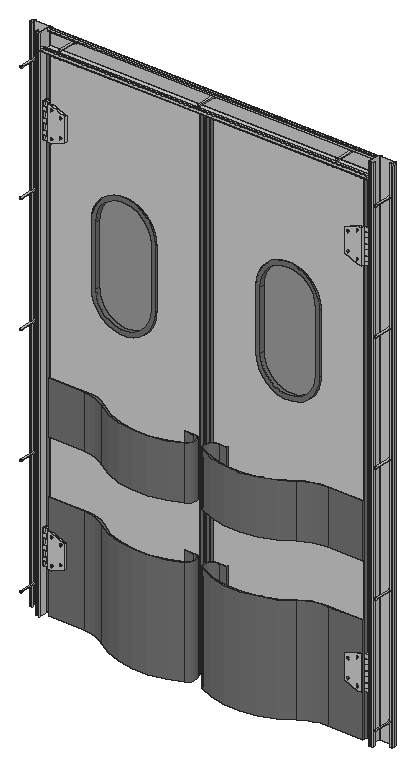
Revit family "Дверь МДД1", category Двери, Revit 2015
Parameters
  Тип рамы и крепления [instance] = if(and(Тип Рамы = Угол, Тип Крепления к стене = ТК_СП), "УГЛ / СП", if(and(Тип Рамы = Угол, Тип Крепления к стене = ТК_КРК), "УГЛ / КРК", if(and(Тип Рамы = Угол, Тип Крепления к стене = ТК_МК), "УГЛ / МК", if(and(Тип Рамы = Побр, Тип Крепления к стене = ТК_СП), "П / ОШИБКА", if(and(Тип Рамы = Побр, Тип Крепления к стене = ТК_КРК), "П / КРК", if(and(Тип Рамы = Побр, Тип Крепления к стене = ТК_МК), "П / МК", "ОБХ / СП"))))))  # "УГЛ / МК"
  Тип отбойника = if(Плоский отбойник, "Плоский отбойник", "Изогнутый отбойник")  # "Изогнутый отбойник"
  Полширины = Width / 2  # 800 mm
  Обрамление проёма [instance] = if(F_Elem, "ДА", "НЕТ")  # "НЕТ"
  Крепеж видимость [instance] = Гнутая рама  # yes
  Ширина проема до монтажа = 1600 mm
  Ширина в свету = if(Плоский отбойник, Width - 152 mm, Width - 392 mm)  # 1208 mm
  Функция = Внутренние слои
  Фасонный элемент [instance] = no
  Угол = ТР : Угловая рама
  Толщина полотна = 40 mm  # constant formula
  Тип рамы [instance] = if(Тип Рамы = Обхват, "ОБХ", if(Тип Рамы = Побр, "П", "УГЛ"))  # "УГЛ"
  Тип крепления [instance] = if(or(and(Тип Крепления к стене = ТК_КРК, Тип Рамы = Побр), and(Тип Крепления к стене = ТК_КРК, Тип Рамы = Угол)), "КРК", if(or(and(Тип Крепления к стене = ТК_МК, Тип Рамы = Побр), and(Тип Крепления к стене = ТК_МК, Тип Рамы = Угол)), "МК", if(and(Тип Крепления к стене = ТК_СП, Тип Рамы = Побр), "ОШИБКА", "СП")))  # "МК"
  Тип Крепления к стене [instance] = ККС : МК - к металлоконструкции
  Температурный режим = "C"  # constant formula
  ТК_СП = ККС : СП - к сэндвич-панели
  ТК_МК = ККС : МК - к металлоконструкции
  ТК_КРК = ККС : КРК - к крипичной стене
  Смещение полотна [instance] = 0 mm
  Тип Рамы [instance] = ТР : Угловая рама
  Побр = ТР : П-рама
  Описание = "Двери маятниковые двухстворчатые (МДД)"  # constant formula
  Обхват = ТР : В обхват
  Группа модели = "МДД"  # constant formula
  Shift_door [instance] = if(Тип Рамы = Побр, Смещение полотна, 0 mm)  # 0 mm
  Резиновые изделия = Резина
  Плоский отбойник = no
  Петли правые = 1 = 1  # yes
  Петли левые = 1 = 1  # yes
  П_образный профиль [instance] = Тип Рамы = Побр  # no
  Отображение обратного открывания [instance] = yes
  Наружная сторона = RAL9003
  Коробка и наличники = RAL9003
  Иллюминатор стекло = Пластмасса, прозрачная
  Иллюминатор радиус = if(H_hole_height < 350 mm, (H_hole_height - 50 mm) / 2, 150 mm)  # 150 mm
  H_hole_bottom = if(Height < Иллюминатор низ + Иллюминатор высота + 100 mm, if((Height - Иллюминатор высота - 100 mm) < 1100 mm, 1100 mm, Height - Иллюминатор высота - 100 mm), Иллюминатор низ)  # 1300 mm
  H_hole_height = if(Height < Иллюминатор высота + H_hole_bottom + 100 mm, Height - H_hole_bottom - 100 mm, 580 mm)  # 580 mm
  Изогнутый отбойник правый = not(Плоский отбойник)  # yes
  Изогнутый отбойник левый = not(Плоский отбойник)  # yes
  Изготовитель = "ООО ПрофХолод"  # constant formula
  Гнутая рама [instance] = not(П_образный профиль)  # yes
  Высота проема до монтажа = 2400 mm
  Высота порога = 0 mm  # constant formula
  Высота в свету = Height - 30 mm  # 2370 mm
  Height = round((if(Высота проема до монтажа < 1500 mm, 1500 mm, if(Высота проема до монтажа > 3000 mm, 3000 mm, Высота проема до монтажа)) / 10 mm)) * 10 mm  # 2400 mm
  Замыкание стены = По основе
  Width = round((if(Ширина проема до монтажа < 1200 mm, 1200 mm, if(Ширина проема до монтажа > 3000 mm, 3000 mm, Ширина проема до монтажа)) / 10 mm)) * 10 mm  # 1600 mm
  Внутренняя сторона = AISI 430-0,5
  Аналитическая конструкция = "<Нет>"
  V_Obhv [instance] = Тип Рамы = Обхват  # no
  URL = "http://profholod.ru/"
  Иллюминатор высота = 580 mm  # constant formula
  Иллюминатор низ = 1300 mm  # constant formula
  F_Elem [instance] = or(and(Тип Рамы = Угол, Тип Крепления к стене = ТК_СП), and(Тип Рамы = Угол, Фасонный элемент))  # no
  ADSK_Толщина стены [instance] = 300 mm
  ADSK_Открывание = ""  # constant formula
  ADSK_Обозначение = "ООО ПрофХолод"  # constant formula
  ADSK_Наименование = "МДО 1000 2000 40 AISI 430-0,5 RAL - 0,5 0 Н Лев"
  ADSK_Завод-изготовитель = Изготовитель  # "ООО ПрофХолод"
  ADSK_URL страницы изделия = "http://profholod.ru/"
Reference planes
  plane 1: y = 0
  plane 2 "По центру (Влево/Вправо)": x = 0
  plane 3 "Слева": x = -800
  plane 4 "Справа": x = 800
  plane 5 "Верх проема": z = 2400
  plane 6 "Наружный": y = 150
  plane 7 "Внутренние": y = -150
  plane 8 "Наружная грань полотна": y = 164.3
  plane 9: x = -770
  plane 10: x = 770
  plane 11: z = 2370
  plane 12: z = 2450
  plane 13: y = 164.3
  plane 14: z = 2450
  plane 15: x = 736
  plane 16: x = -736
  plane 17: z = 2360
  plane 18: z = 10
  plane 19: z = 1310
  plane 20: z = 1890
  plane 21: x = 535
  plane 22: x = 235
  plane 23: z = 1460
  plane 24: z = 1740
  plane 25: x = 790
  plane 26: x = -790
  plane 27: x = -790
  plane 28: x = 790
  plane 29 "Ось двери": y = 144.3
  plane 30: x = -820
  plane 31: x = 820
  plane 32: z = 2390
  plane 33: z = 2420
  plane 34: x = -34
  plane 35: x = 34
  plane 36: x = 385
  plane 37: x = -535
  plane 38: x = -235
  plane 39: x = -385
  plane 40: z = 1205
Forms (mm)
  Sweep 1, solid, material "RAL9003" <- "Коробка и наличники", visible <- "Гнутая рама", detail levels medium+fine
    path origin (0, 164.3, 0) x (-1, 0, 0) y (0, 0, 1)
      loop
        line (-770, 0) -> (-770, 2450)
    profile "Профиль МДО гнутая рама : Профиль МДО гнутая рама" origin (770, 164.3, 1225) x (1, 0, 0) y (0, 1, 0)
      loop
        line (20, -42.267) -> (18, -42.267) -> (18, -50.267)
        arc (18, -50.267) -> (17.414, -51.681) -> (16, -52.267) r 2
        line (16, -52.267) -> (4, -52.267)
        arc (4, -52.267) -> (2.586, -51.681) -> (2, -50.267) r 2
        line (2, -50.267) -> (2, 1.733)
        arc (2, 1.733) -> (2.586, 3.147) -> (4, 3.733) r 2
        line (4, 3.733) -> (76, 3.733)
        arc (76, 3.733) -> (77.414, 3.147) -> (78, 1.733) r 2
        line (78, 1.733) -> (78, -10.267)
        arc (78, -10.267) -> (77.414, -11.681) -> (76, -12.267) r 2
        line (76, -12.267) -> (68, -12.267) -> (68, -14.267) -> (76, -14.267)
        arc (76, -14.267) -> (78.828, -13.096) -> (80, -10.267) r 4
        line (80, -10.267) -> (80, 1.733)
        arc (80, 1.733) -> (78.828, 4.561) -> (76, 5.733) r 4
        line (76, 5.733) -> (4, 5.733)
        arc (4, 5.733) -> (1.172, 4.561) -> (0, 1.733) r 4
        line (0, 1.733) -> (0, -50.267)
        arc (0, -50.267) -> (1.172, -53.096) -> (4, -54.267) r 4
        line (4, -54.267) -> (16, -54.267)
        arc (16, -54.267) -> (18.828, -53.096) -> (20, -50.267) r 4
        line (20, -50.267) -> (20, -42.267)
  Sweep 2, solid, material "RAL9003" <- "Коробка и наличники", visible <- "Гнутая рама", detail levels medium+fine
    path origin (0, 164.3, 0) x (-1, 0, 0) y (0, 0, 1)
      loop
        line (770, 0) -> (770, 2450)
    profile "Профиль МДО гнутая рама : Профиль МДО гнутая рама" origin (-770, 164.3, 1225) x (1, 0, 0) y (0, 1, 0)
      loop
        line (-20, -42.267) -> (-20, -50.267)
        arc (-20, -50.267) -> (-18.828, -53.096) -> (-16, -54.267) r 4
        line (-16, -54.267) -> (-4, -54.267)
        arc (-4, -54.267) -> (-1.172, -53.096) -> (0, -50.267) r 4
        line (0, -50.267) -> (0, 1.733)
        arc (0, 1.733) -> (-1.172, 4.561) -> (-4, 5.733) r 4
        line (-4, 5.733) -> (-76, 5.733)
        arc (-76, 5.733) -> (-78.828, 4.561) -> (-80, 1.733) r 4
        line (-80, 1.733) -> (-80, -10.267)
        arc (-80, -10.267) -> (-78.828, -13.096) -> (-76, -14.267) r 4
        line (-76, -14.267) -> (-68, -14.267) -> (-68, -12.267) -> (-76, -12.267)
        arc (-76, -12.267) -> (-77.414, -11.681) -> (-78, -10.267) r 2
        line (-78, -10.267) -> (-78, 1.733)
        arc (-78, 1.733) -> (-77.414, 3.147) -> (-76, 3.733) r 2
        line (-76, 3.733) -> (-4, 3.733)
        arc (-4, 3.733) -> (-2.586, 3.147) -> (-2, 1.733) r 2
        line (-2, 1.733) -> (-2, -50.267)
        arc (-2, -50.267) -> (-2.586, -51.681) -> (-4, -52.267) r 2
        line (-4, -52.267) -> (-16, -52.267)
        arc (-16, -52.267) -> (-17.414, -51.681) -> (-18, -50.267) r 2
        line (-18, -50.267) -> (-18, -42.267) -> (-20, -42.267)
  Sweep 3, solid, material "RAL9003" <- "Коробка и наличники", visible <- "Гнутая рама", detail levels medium+fine
    path origin (0, 164.3, 0) x (-1, 0, 0) y (0, 0, 1)
      loop
        line (-770, 2370) -> (770, 2370)
    profile "Профиль МДО гнутая рама : Профиль МДО гнутая рама" origin (0, 164.3, 2370) x (0, 0, 1) y (0, 1, 0)
      loop
        line (20, -42.267) -> (18, -42.267) -> (18, -50.267)
        arc (18, -50.267) -> (17.414, -51.681) -> (16, -52.267) r 2
        line (16, -52.267) -> (4, -52.267)
        arc (4, -52.267) -> (2.586, -51.681) -> (2, -50.267) r 2
        line (2, -50.267) -> (2, 1.733)
        arc (2, 1.733) -> (2.586, 3.147) -> (4, 3.733) r 2
        line (4, 3.733) -> (76, 3.733)
        arc (76, 3.733) -> (77.414, 3.147) -> (78, 1.733) r 2
        line (78, 1.733) -> (78, -10.267)
        arc (78, -10.267) -> (77.414, -11.681) -> (76, -12.267) r 2
        line (76, -12.267) -> (68, -12.267) -> (68, -14.267) -> (76, -14.267)
        arc (76, -14.267) -> (78.828, -13.096) -> (80, -10.267) r 4
        line (80, -10.267) -> (80, 1.733)
        arc (80, 1.733) -> (78.828, 4.561) -> (76, 5.733) r 4
        line (76, 5.733) -> (4, 5.733)
        arc (4, 5.733) -> (1.172, 4.561) -> (0, 1.733) r 4
        line (0, 1.733) -> (0, -50.267)
        arc (0, -50.267) -> (1.172, -53.096) -> (4, -54.267) r 4
        line (4, -54.267) -> (16, -54.267)
        arc (16, -54.267) -> (18.828, -53.096) -> (20, -50.267) r 4
        line (20, -50.267) -> (20, -42.267)
  Extrusion 4, solid, material "RAL9003" <- "Наружная сторона", detail levels medium+fine
    sketch origin (0, 164.3, 0) x (-1, 0, 0) y (0, 0, 1)
      loop
        line (-736, 2360) -> (-736, 10) -> (-34, 10) -> (-34, 2360) -> (-736, 2360)
      loop
        line (-235, 1460) -> (-235, 1740)
        arc (-235, 1740) -> (-385, 1890) -> (-535, 1740) r 150
        line (-535, 1740) -> (-535, 1460)
        arc (-535, 1460) -> (-385, 1310) -> (-235, 1460) r 150
      loop
        line (34, 10) -> (736, 10) -> (736, 2360) -> (34, 2360) -> (34, 10)
      loop
        line (235, 1740) -> (235, 1460)
        arc (235, 1460) -> (385, 1310) -> (535, 1460) r 150
        line (535, 1460) -> (535, 1740)
        arc (535, 1740) -> (385, 1890) -> (235, 1740) r 150
    from 0 to -40
  Sweep 5, solid, material "Резина" <- "Резиновые изделия", detail levels fine
    path origin (0, 164.3, 0) x (-1, 0, 0) y (0, 0, 1)
      loop
        line (-736, 10) -> (-736, 2360)
    profile "Профиль МДО уплотнитель : Профиль МДО уплотнитель" origin (736, 164.3, 1185) x (1, 0, 0) y (0, 1, 0)
      loop
        line (0, -17.022) -> (-3, -17.022) -> (-3, -11.022) -> (-6, -11.022) -> (-6, -28.978) -> (-3, -28.978) -> (-3, -22.978) -> (0, -22.978) -> (0, -36.978) -> (1, -36.978) -> (5.146, -28.189)
        arc (5.146, -28.189) -> (8.922, -23.617) -> (14.426, -21.412) r 12
        line (14.426, -21.412) -> (34, -20.522) -> (34, -19.522) -> (15.454, -18.679)
        arc (15.454, -18.679) -> (9.346, -16.678) -> (5.146, -11.811) r 12
        line (5.146, -11.811) -> (1, -3.022) -> (0, -3.022) -> (0, -17.022)
  Sweep 6, solid, material "Резина" <- "Резиновые изделия", detail levels fine
    path origin (0, 164.3, 0) x (-1, 0, 0) y (0, 0, 1)
      loop
        line (736, 10) -> (736, 2360)
    profile "Профиль МДО уплотнитель : Профиль МДО уплотнитель" origin (-736, 164.3, 1185) x (1, 0, 0) y (0, 1, 0)
      loop
        line (0, -17.022) -> (0, -3.022) -> (-1, -3.022) -> (-5.146, -11.811)
        arc (-5.146, -11.811) -> (-9.346, -16.678) -> (-15.454, -18.679) r 12
        line (-15.454, -18.679) -> (-34, -19.522) -> (-34, -20.522) -> (-14.426, -21.412)
        arc (-14.426, -21.412) -> (-8.922, -23.617) -> (-5.146, -28.189) r 12
        line (-5.146, -28.189) -> (-1, -36.978) -> (0, -36.978) -> (0, -22.978) -> (3, -22.978) -> (3, -28.978) -> (6, -28.978) -> (6, -11.022) -> (3, -11.022) -> (3, -17.022) -> (0, -17.022)
  Sweep 7, solid, material "RAL9003" <- "Коробка и наличники", visible <- "П_образный профиль", detail levels medium+fine
    path origin (0, 164.3, 0) x (-1, 0, 0) y (0, 0, 1)
      loop
        line (-790, 2370) -> (790, 2370)
    profile "Профиль МДО П-образная рама : Профиль МДО П-образная рама" origin (0, 164.3, 2370) x (0, 0, 1) y (0, 1, 0)
      loop
        line (4, -50.267) -> (16, -50.267)
        arc (16, -50.267) -> (18.828, -49.096) -> (20, -46.267) r 4
        line (20, -46.267) -> (20, -38.267) -> (18, -38.267) -> (18, -46.267)
        arc (18, -46.267) -> (17.414, -47.681) -> (16, -48.267) r 2
        line (16, -48.267) -> (4, -48.267)
        arc (4, -48.267) -> (2.586, -47.681) -> (2, -46.267) r 2
        line (2, -46.267) -> (2, 5.733)
        arc (2, 5.733) -> (2.586, 7.147) -> (4, 7.733) r 2
        line (4, 7.733) -> (16, 7.733)
        arc (16, 7.733) -> (17.414, 7.147) -> (18, 5.733) r 2
        line (18, 5.733) -> (18, -2.267) -> (20, -2.267) -> (20, 5.733)
        arc (20, 5.733) -> (18.828, 8.561) -> (16, 9.733) r 4
        line (16, 9.733) -> (4, 9.733)
        arc (4, 9.733) -> (1.172, 8.561) -> (0, 5.733) r 4
        line (0, 5.733) -> (0, -46.267)
        arc (0, -46.267) -> (1.172, -49.096) -> (4, -50.267) r 4
  Sweep 8, solid, material "RAL9003" <- "Коробка и наличники", visible <- "П_образный профиль", detail levels medium+fine
    path origin (0, 164.3, 0) x (-1, 0, 0) y (0, 0, 1)
      loop
        line (-770, 0) -> (-770, 2370)
    profile "Профиль МДО П-образная рама : Профиль МДО П-образная рама" origin (770, 164.3, 1185) x (1, 0, 0) y (0, 1, 0)
      loop
        line (4, -50.267) -> (16, -50.267)
        arc (16, -50.267) -> (18.828, -49.096) -> (20, -46.267) r 4
        line (20, -46.267) -> (20, -38.267) -> (18, -38.267) -> (18, -46.267)
        arc (18, -46.267) -> (17.414, -47.681) -> (16, -48.267) r 2
        line (16, -48.267) -> (4, -48.267)
        arc (4, -48.267) -> (2.586, -47.681) -> (2, -46.267) r 2
        line (2, -46.267) -> (2, 5.733)
        arc (2, 5.733) -> (2.586, 7.147) -> (4, 7.733) r 2
        line (4, 7.733) -> (16, 7.733)
        arc (16, 7.733) -> (17.414, 7.147) -> (18, 5.733) r 2
        line (18, 5.733) -> (18, -2.267) -> (20, -2.267) -> (20, 5.733)
        arc (20, 5.733) -> (18.828, 8.561) -> (16, 9.733) r 4
        line (16, 9.733) -> (4, 9.733)
        arc (4, 9.733) -> (1.172, 8.561) -> (0, 5.733) r 4
        line (0, 5.733) -> (0, -46.267)
        arc (0, -46.267) -> (1.172, -49.096) -> (4, -50.267) r 4
  Sweep 9, solid, material "RAL9003" <- "Коробка и наличники", visible <- "П_образный профиль", detail levels medium+fine
    path origin (0, 164.3, 0) x (-1, 0, 0) y (0, 0, 1)
      loop
        line (770, 0) -> (770, 2370)
    profile "Профиль МДО П-образная рама : Профиль МДО П-образная рама" origin (-770, 164.3, 1185) x (1, 0, 0) y (0, 1, 0)
      loop
        arc (-4, -50.267) -> (-1.172, -49.096) -> (0, -46.267) r 4
        line (0, -46.267) -> (0, 5.733)
        arc (0, 5.733) -> (-1.172, 8.561) -> (-4, 9.733) r 4
        line (-4, 9.733) -> (-16, 9.733)
        arc (-16, 9.733) -> (-18.828, 8.561) -> (-20, 5.733) r 4
        line (-20, 5.733) -> (-20, -2.267) -> (-18, -2.267) -> (-18, 5.733)
        arc (-18, 5.733) -> (-17.414, 7.147) -> (-16, 7.733) r 2
        line (-16, 7.733) -> (-4, 7.733)
        arc (-4, 7.733) -> (-2.586, 7.147) -> (-2, 5.733) r 2
        line (-2, 5.733) -> (-2, -46.267)
        arc (-2, -46.267) -> (-2.586, -47.681) -> (-4, -48.267) r 2
        line (-4, -48.267) -> (-16, -48.267)
        arc (-16, -48.267) -> (-17.414, -47.681) -> (-18, -46.267) r 2
        line (-18, -46.267) -> (-18, -38.267) -> (-20, -38.267) -> (-20, -46.267)
        arc (-20, -46.267) -> (-18.828, -49.096) -> (-16, -50.267) r 4
        line (-16, -50.267) -> (-4, -50.267)
  Sweep 10, solid, material "Резина" <- "Резиновые изделия", detail levels medium+fine
    path in 3D
      loop
        line (535, 164.3, 1740) -> (535, 164.3, 1460)
        arc (535, 164.3, 1460) -> (385, 164.3, 1310) -> (235, 164.3, 1460) r 150
        line (235, 164.3, 1460) -> (235, 164.3, 1740)
        arc (235, 164.3, 1740) -> (385, 164.3, 1890) -> (535, 164.3, 1740) r 150
    profile origin (385, 164.3, 1890) x (0, 0, -1) y (0, 1, 0)
      loop
        line (0, 5) -> (0, -45) -> (20, -45) -> (20, 5) -> (0, 5)
  Extrusion 11, solid, material "Пластмасса, прозрачная" <- "Иллюминатор стекло", detail levels medium+fine
    sketch origin (0, 164.3, 0) x (-1, 0, 0) y (0, 0, 1)
      loop
        arc (-255, 1740) -> (-385, 1870) -> (-515, 1740) r 130
        line (-515, 1740) -> (-515, 1460)
        arc (-515, 1460) -> (-385, 1330) -> (-255, 1460) r 130
        line (-255, 1460) -> (-255, 1740)
      loop
        arc (515, 1740) -> (385, 1870) -> (255, 1740) r 130
        line (255, 1740) -> (255, 1460)
        arc (255, 1460) -> (385, 1330) -> (515, 1460) r 130
        line (515, 1460) -> (515, 1740)
    from -15 to -25
  Extrusion 12, solid, material "RAL9003" <- "Коробка и наличники", visible <- "F_Elem", detail levels medium+fine
    sketch origin (0, 0, 0) x (1, 0, 0) y (0, 1, 0)
      loop
        line (-820, -152) -> (-790, -152) -> (-790, 144.3) -> (-792.288, 144.3) -> (-792.288, -150) -> (-820, -150) -> (-820, -152)
      loop
        line (790, 144.3) -> (790, -152) -> (820, -152) -> (820, -150) -> (792, -150) -> (792, 144.3) -> (790, 144.3)
    from 0 to 2390
  Extrusion 13, solid, material "RAL9003" <- "Коробка и наличники", visible <- "F_Elem", detail levels medium+fine
    sketch origin (0, 0, 0) x (0, 1, 0) y (0, 0, 1)
      loop
        line (144.3, 2390) -> (144.3, 2392) -> (-150, 2392) -> (-150, 2420) -> (-152, 2420) -> (-152, 2390) -> (144.3, 2390)
    from -820 to 820
  Extrusion 14, solid, material "RAL9003" <- "Коробка и наличники", visible <- "V_Obhv", detail levels medium+fine
    sketch origin (0, 0, 0) x (1, 0, 0) y (0, 1, 0)
      loop
        arc (-846, -150.033) -> (-848.828, -151.204) -> (-850, -154.033) r 4
        line (-850, -154.033) -> (-850, -166.033)
        arc (-850, -166.033) -> (-848.828, -168.861) -> (-846, -170.033) r 4
        line (-846, -170.033) -> (-794, -170.033)
        arc (-794, -170.033) -> (-791.172, -168.861) -> (-790, -166.033) r 4
        line (-790, -166.033) -> (-790, 144.3) -> (-792, 144.3) -> (-792, -166.033)
        arc (-792, -166.033) -> (-792.586, -167.447) -> (-794, -168.033) r 2
        line (-794, -168.033) -> (-846, -168.033)
        arc (-846, -168.033) -> (-847.414, -167.447) -> (-848, -166.033) r 2
        line (-848, -166.033) -> (-848, -154.033)
        arc (-848, -154.033) -> (-847.414, -152.619) -> (-846, -152.033) r 2
        line (-846, -152.033) -> (-838, -152.033) -> (-838, -150.033) -> (-846, -150.033)
      loop
        line (846, -150.033) -> (838, -150.033) -> (838, -152.033) -> (846, -152.033)
        arc (846, -152.033) -> (847.414, -152.619) -> (848, -154.033) r 2
        line (848, -154.033) -> (848, -166.033)
        arc (848, -166.033) -> (847.414, -167.447) -> (846, -168.033) r 2
        line (846, -168.033) -> (794, -168.033)
        arc (794, -168.033) -> (792.586, -167.447) -> (792, -166.033) r 2
        line (792, -166.033) -> (792, 144.3) -> (790, 144.3) -> (790, -166.033)
        arc (790, -166.033) -> (791.172, -168.861) -> (794, -170.033) r 4
        line (794, -170.033) -> (846, -170.033)
        arc (846, -170.033) -> (848.828, -168.861) -> (850, -166.033) r 4
        line (850, -166.033) -> (850, -154.033)
        arc (850, -154.033) -> (848.828, -151.204) -> (846, -150.033) r 4
    from 0 to 2450
  Extrusion 15, solid, material "RAL9003" <- "Коробка и наличники", visible <- "V_Obhv", detail levels medium+fine
    sketch origin (0, 0, 0) x (0, 1, 0) y (0, 0, 1)
      loop
        line (-150.033, 2438) -> (-150.033, 2446)
        arc (-150.033, 2446) -> (-151.204, 2448.828) -> (-154.033, 2450) r 4
        line (-154.033, 2450) -> (-166.033, 2450)
        arc (-166.033, 2450) -> (-168.861, 2448.828) -> (-170.033, 2446) r 4
        line (-170.033, 2446) -> (-170.033, 2394)
        arc (-170.033, 2394) -> (-168.861, 2391.172) -> (-166.033, 2390) r 4
        line (-166.033, 2390) -> (144.3, 2390) -> (144.3, 2392) -> (-166.033, 2392)
        arc (-166.033, 2392) -> (-167.447, 2392.586) -> (-168.033, 2394) r 2
        line (-168.033, 2394) -> (-168.033, 2446)
        arc (-168.033, 2446) -> (-167.447, 2447.414) -> (-166.033, 2448) r 2
        line (-166.033, 2448) -> (-154.033, 2448)
        arc (-154.033, 2448) -> (-152.619, 2447.414) -> (-152.033, 2446) r 2
        line (-152.033, 2446) -> (-152.033, 2438) -> (-150.033, 2438)
    from -790 to 790
  Extrusion 16, solid, material "Резина" <- "Резиновые изделия", visible <- "Плоский отбойник", detail levels fine
    sketch origin (0, 164.3, 0) x (-1, 0, 0) y (0, 0, 1)
      loop
        line (-736, 10) -> (-34, 10) -> (-34, 510) -> (-736, 510) -> (-736, 10)
      loop
        line (-736, 760) -> (-34, 760) -> (-34, 1010) -> (-736, 1010) -> (-736, 760)
      loop
        line (34, 10) -> (736, 10) -> (736, 510) -> (34, 510) -> (34, 10)
      loop
        line (34, 760) -> (736, 760) -> (736, 1010) -> (34, 1010) -> (34, 760)
    from 0 to 3
  Extrusion 17, solid, material "Резина" <- "Резиновые изделия", visible <- "Плоский отбойник", detail levels fine
    sketch origin (0, 124.3, 0) x (1, 0, 0) y (0, 0, 1)
      loop
        line (34, 10) -> (736, 10) -> (736, 510) -> (34, 510) -> (34, 10)
      loop
        line (34, 1010) -> (34, 760) -> (736, 760) -> (736, 1010) -> (34, 1010)
      loop
        line (-736, 10) -> (-34, 10) -> (-34, 510) -> (-736, 510) -> (-736, 10)
      loop
        line (-736, 1010) -> (-736, 760) -> (-34, 760) -> (-34, 1010) -> (-736, 1010)
    from 0 to 3
  Extrusion 18, solid, material "RAL9003" <- "Наружная сторона", detail levels coarse
    sketch origin (0, 164.3, 0) x (-1, 0, 0) y (0, 0, 1)
      loop
        line (-800, 2400) -> (-800, 10) -> (800, 10) -> (800, 2400) -> (-800, 2400)
    from 0 to -40
  Sweep 19, solid, material "Резина" <- "Резиновые изделия", detail levels medium+fine
    path in 3D
      loop
        line (-235, 164.3, 1740) -> (-235, 164.3, 1460)
        arc (-235, 164.3, 1460) -> (-385, 164.3, 1310) -> (-535, 164.3, 1460) r 150
        line (-535, 164.3, 1460) -> (-535, 164.3, 1740)
        arc (-535, 164.3, 1740) -> (-385, 164.3, 1890) -> (-235, 164.3, 1740) r 150
    profile origin (-385, 164.3, 1890) x (0, 0, -1) y (0, 1, 0)
      loop
        line (0, 5) -> (0, -45) -> (20, -45) -> (20, 5) -> (0, 5)
  Sweep 20, solid, material "Резина" <- "Резиновые изделия", detail levels fine
    path origin (0, 164.3, 0) x (-1, 0, 0) y (0, 0, 1)
      loop
        line (-34, 10) -> (-34, 2360)
    profile "Профиль МДО уплотнитель : Профиль МДО уплотнитель" origin (34, 164.3, 1185) x (1, 0, 0) y (0, 1, 0)
      loop
        line (0, -17.022) -> (0, -3.022) -> (-1, -3.022) -> (-5.146, -11.811)
        arc (-5.146, -11.811) -> (-9.346, -16.678) -> (-15.454, -18.679) r 12
        line (-15.454, -18.679) -> (-34, -19.522) -> (-34, -20.522) -> (-14.426, -21.412)
        arc (-14.426, -21.412) -> (-8.922, -23.617) -> (-5.146, -28.189) r 12
        line (-5.146, -28.189) -> (-1, -36.978) -> (0, -36.978) -> (0, -22.978) -> (3, -22.978) -> (3, -28.978) -> (6, -28.978) -> (6, -11.022) -> (3, -11.022) -> (3, -17.022) -> (0, -17.022)
  Sweep 21, solid, material "Резина" <- "Резиновые изделия", detail levels fine
    path origin (0, 164.3, 0) x (-1, 0, 0) y (0, 0, 1)
      loop
        line (34, 10) -> (34, 2360)
    profile "Профиль МДО уплотнитель : Профиль МДО уплотнитель" origin (-34, 164.3, 1185) x (1, 0, 0) y (0, 1, 0)
      loop
        line (0, -17.022) -> (-3, -17.022) -> (-3, -11.022) -> (-6, -11.022) -> (-6, -28.978) -> (-3, -28.978) -> (-3, -22.978) -> (0, -22.978) -> (0, -36.978) -> (1, -36.978) -> (5.146, -28.189)
        arc (5.146, -28.189) -> (8.922, -23.617) -> (14.426, -21.412) r 12
        line (14.426, -21.412) -> (34, -20.522) -> (34, -19.522) -> (15.454, -18.679)
        arc (15.454, -18.679) -> (9.346, -16.678) -> (5.146, -11.811) r 12
        line (5.146, -11.811) -> (1, -3.022) -> (0, -3.022) -> (0, -17.022)
Lines and regions (mm)
  Opening 1
    outline origin (-3050, -150, 0) x (1, 0, 0) y (0, 0, 1)
      loop
        line (2250, 0) -> (3850, 0) -> (3850, 2400) -> (2250, 2400) -> (2250, 0)
  symbolic lines, style "Поворот фасада", visible <- "Петли правые"
    curve 1: line (0, -150, 1205) -> (-800, -150, 2400)
    curve 2: line (0, -150, 1205) -> (-800, -150, 0)
  sketch lines
    curve 3: arc (235, 164.3, 1740) -> (385, 164.3, 1890) -> (535, 164.3, 1740) r 150
    curve 4: line (235, 164.3, 1740) -> (235, 164.3, 1460)
    curve 5: arc (535, 164.3, 1460) -> (385, 164.3, 1310) -> (235, 164.3, 1460) r 150
    curve 6: line (535, 164.3, 1460) -> (535, 164.3, 1740)
    curve 9: arc (-535, 164.3, 1740) -> (-385, 164.3, 1890) -> (-235, 164.3, 1740) r 150
    curve 10: line (-235, 164.3, 1460) -> (-235, 164.3, 1740)
    curve 11: arc (-235, 164.3, 1460) -> (-385, 164.3, 1310) -> (-535, 164.3, 1460) r 150
    curve 12: line (-535, 164.3, 1740) -> (-535, 164.3, 1460)
  symbolic lines, style "Поворот фасада", visible <- "Петли левые"
    curve 7: line (800, 164.3, 2400) -> (0, 164.3, 1205)
    curve 8: line (0, 164.3, 1205) -> (800, 164.3, 0)
  symbolic lines, style "DoorsPanelProjection"
    curve 13: line (0, 164.3, 2400) -> (0, 164.3, 10)
Text (mm)
  text "Наружный" at (-2295.016, 1099.543, 0), in view "Опорный уровень"
  text "Наружный" at (0, 1615.38, 3698.081), in view "Слева"
  text "Наружный" at (0, 1036.032, 3874.932), in view "Справа"
Dimensions and locks
  equal spacing: plane 3 "Слева", plane 2 "По центру (Влево/Вправо)", plane 4 "Справа"
  "Width": plane 3 "Слева" to plane 4 "Справа"
  "Height": plane 5 "Верх проема" to host wall
  locked: plane 6 "Наружный" to host wall at 0
  locked: plane 7 "Внутренние" to host wall
  "Shift_door": plane 13 to plane 8 "Наружная грань полотна"
  plane 17 to plane 11 to plane 5 "Верх проема" = 10 mm locked, 30 mm locked
  locked: plane 5 "Верх проема" to plane 12 at 50
  locked: plane 13 to plane 6 "Наружный" at 14.3
  locked: plane 5 "Верх проема" to plane 14 at 50
  plane 3 "Слева" to plane 9 to plane 16 = 30 mm locked, 34 mm locked
  plane 15 to plane 10 to plane 4 "Справа" = 34 mm locked, 30 mm locked
  locked: level to plane 18 at 10
  "H_hole_bottom": plane 18 to plane 19
  "H_hole_height": plane 19 to plane 20
  "Иллюминатор радиус": plane 19 to plane 23
  "Иллюминатор радиус": plane 24 to plane 20
  locked: plane 18 to nested 2 at 280
  locked: nested 1 to plane 17 at 280
  locked: plane 25 to plane 4 "Справа" at 10
  locked: plane 3 "Слева" to plane 26 at 10
  plane 30 to plane 3 "Слева" to plane 27 = 20 mm locked, 10 mm locked
  plane 28 to plane 4 "Справа" to plane 31 = 10 mm locked, 20 mm locked
  locked: plane 8 "Наружная грань полотна" to plane 29 "Ось двери" at 20
  Extrusion 12 sketch curve to plane 27 = 2.288 mm
  locked: Extrusion 12 sketch curve to plane 7 "Внутренние" at 2
  locked: Extrusion 12 sketch curve to Extrusion 12 sketch curve at 2
  locked: plane 28 to Extrusion 12 sketch curve at 2
  plane 33 to plane 5 "Верх проема" to plane 32 = 20 mm locked, 10 mm locked
  locked: plane 7 "Внутренние" to Extrusion 13 sketch curve at 2
  locked: Extrusion 13 sketch curve to plane 32 at 2
  locked: plane 5 "Верх проема" to nested 9 at 100
  locked: nested 9 to plane 3 "Слева" at 30
  locked: plane 3 "Слева" to nested 5 at 30
  locked: nested 5 to level at 100
  equal spacing: nested 9, nested 8, nested 7, nested 6, nested 5
  equal spacing: nested 14, nested 13, nested 12, nested 11, nested 10
  locked: nested 10 to plane 4 "Справа" at 30
  locked: plane 4 "Справа" to nested 14 at 30
  locked: plane 3 "Слева" to nested 15 at 150
  locked: nested 17 to plane 4 "Справа" at 150
  locked: nested 17 to plane 5 "Верх проема" at 30
  locked: Extrusion 14 sketch curve to plane 27 at 2
  plane 7 "Внутренние" to Extrusion 14 sketch curve to Extrusion 14 sketch curve to Extrusion 14 sketch curve = 2.033 mm locked, 16 mm locked, 2 mm locked  (x2)
  Extrusion 14 sketch curve to Extrusion 14 sketch curve to Extrusion 14 sketch curve to plane 3 "Слева" = 2 mm locked, 10 mm locked, 38 mm locked
  Extrusion 14 sketch curve to Extrusion 14 sketch curve to Extrusion 14 sketch curve to plane 4 "Справа" = 2 mm locked, 10 mm locked, 38 mm locked
  locked: plane 28 to Extrusion 12 at 2
  locked: Extrusion 15 sketch curve to Extrusion 15 sketch curve at 2
  plane 5 "Верх проема" to Extrusion 15 sketch curve to Extrusion 15 sketch curve to Extrusion 15 sketch curve = 38 mm locked, 10 mm locked, 2 mm locked
  Extrusion 4 to Extrusion 16 sketch curve to Extrusion 16 sketch curve to Extrusion 16 sketch curve = 500 mm locked, 250 mm locked, 250 mm locked
  "ADSK_Толщина стены": host wall to host wall
  plane 34 to plane 2 "По центру (Влево/Вправо)" to plane 35 = 34 mm locked, 34 mm locked
  equal spacing: plane 15, plane 36, plane 35
  "Иллюминатор радиус": plane 36 to plane 21
  "Иллюминатор радиус": plane 22 to plane 36
  "Иллюминатор радиус": plane 39 to plane 37
  "Иллюминатор радиус": plane 38 to plane 39
  equal spacing: plane 34, plane 39, plane 16
  Extrusion 16 sketch curve to Extrusion 16 sketch curve to Extrusion 16 sketch curve = 250 mm locked, 250 mm locked
  equal spacing: plane 18, plane 40, plane 5 "Верх проема"
  aligned and locked: plane 3 "Слева" to Opening 1 sketch curve
  aligned and locked: plane 5 "Верх проема" to Opening 1 sketch curve  (x2)
  aligned and locked: Opening 1 sketch curve to plane 4 "Справа"
  aligned and locked: Opening 1 sketch curve to level
  aligned and locked: plane 5 "Верх проема" to curve 1
  aligned and locked: plane 3 "Слева" to curve 2
  aligned and locked: plane 1 to host wall
  aligned and locked: plane 3 "Слева" to curve 1
  aligned and locked: Sweep 1 sketch curve to plane 10
  aligned and locked: level to Sweep 1 sketch curve
  aligned and locked: plane 12 to Sweep 1 sketch curve
  aligned and locked: Sweep 2 sketch curve to plane 9
  aligned and locked: level to Sweep 2 sketch curve
  aligned and locked: plane 14 to Sweep 2 sketch curve
  aligned and locked: Sweep 3 sketch curve to plane 11
  aligned and locked: plane 10 to Sweep 3 sketch curve
  aligned and locked: plane 9 to Sweep 3 sketch curve
  aligned and locked: Extrusion 4 sketch curve to plane 17  (x2)
  aligned and locked: Extrusion 4 sketch curve to plane 15
  aligned and locked: plane 18 to Extrusion 4 sketch curve
  aligned and locked: plane 22 to Extrusion 4 sketch curve  (x2)
  aligned and locked: plane 21 to Extrusion 4 sketch curve  (x2)
  aligned and locked: Sweep 5 sketch curve to plane 15
  aligned and locked: plane 17 to Sweep 5 sketch curve
  aligned and locked: plane 18 to Sweep 5 sketch curve
  aligned and locked: Sweep 6 sketch curve to plane 16
  aligned and locked: plane 18 to Sweep 6 sketch curve
  aligned and locked: plane 17 to Sweep 6 sketch curve
  aligned and locked: nested 2 to nested 3  (x2)
  aligned and locked: nested 1 to nested 4
  aligned and locked: nested 1 to nested 2
  aligned and locked: nested 4 to nested 3
  aligned and locked: Sweep 7 sketch curve to plane 11
  aligned and locked: Sweep 8 sketch curve to plane 10
  aligned and locked: plane 11 to Sweep 8 sketch curve
  aligned and locked: level to Sweep 8 sketch curve
  aligned and locked: plane 25 to Sweep 7 sketch curve
  aligned and locked: plane 26 to Sweep 7 sketch curve
  aligned and locked: Sweep 9 sketch curve to plane 9
  aligned and locked: plane 11 to Sweep 9 sketch curve
  aligned and locked: level to Sweep 9 sketch curve
  aligned and locked: Extrusion 11 sketch curve to Sweep 10  (x2)
  aligned and locked: Extrusion 12 sketch curve to plane 30
  aligned and locked: Extrusion 12 sketch curve to plane 29 "Ось двери"
  aligned and locked: plane 29 "Ось двери" to Extrusion 12 sketch curve
  aligned and locked: plane 28 to Extrusion 12 sketch curve
  aligned and locked: Extrusion 12 sketch curve to plane 7 "Внутренние"
  aligned and locked: Extrusion 12 sketch curve to plane 31
  aligned and locked: plane 29 "Ось двери" to Extrusion 13 sketch curve
  aligned and locked: Extrusion 13 sketch curve to plane 32
  aligned and locked: plane 33 to Extrusion 13 sketch curve
  aligned and locked: Extrusion 13 sketch curve to plane 7 "Внутренние"
  aligned and locked: Extrusion 13 to Extrusion 12  (x2)
  aligned and locked: Extrusion 12 to Extrusion 13
  aligned and locked: nested 5 to host wall
  aligned and locked: nested 8 to nested 9
  aligned and locked: nested 7 to nested 9
  aligned and locked: nested 6 to nested 9
  aligned and locked: nested 13 to nested 14
  aligned and locked: nested 12 to nested 14
  aligned and locked: nested 11 to nested 14
  aligned and locked: nested 9 to nested 14
  aligned and locked: nested 5 to nested 10
  aligned and locked: plane 2 "По центру (Влево/Вправо)" to nested 16
  aligned and locked: nested 16 to nested 17
  aligned and locked: nested 15 to nested 17
  aligned and locked: plane 6 "Наружный" to nested 9
  aligned and locked: plane 6 "Наружный" to nested 8
  aligned and locked: plane 6 "Наружный" to nested 7
  aligned and locked: plane 6 "Наружный" to nested 6
  aligned and locked: plane 6 "Наружный" to nested 15
  aligned and locked: plane 6 "Наружный" to nested 16
  aligned and locked: plane 6 "Наружный" to nested 17
  aligned and locked: plane 6 "Наружный" to nested 14
  aligned and locked: plane 6 "Наружный" to nested 13
  aligned and locked: plane 6 "Наружный" to nested 12
  aligned and locked: plane 6 "Наружный" to nested 11
  aligned and locked: plane 6 "Наружный" to nested 10
  aligned and locked: plane 27 to Extrusion 14 sketch curve
  aligned and locked: Extrusion 14 sketch curve to plane 29 "Ось двери"
  aligned and locked: Extrusion 14 to Sweep 2
  aligned and locked: plane 29 "Ось двери" to Extrusion 14 sketch curve
  aligned and locked: plane 28 to Extrusion 14 sketch curve
  aligned and locked: Extrusion 15 sketch curve to plane 32
  aligned and locked: plane 29 "Ось двери" to Extrusion 15 sketch curve
  aligned and locked: plane 27 to Extrusion 15
  aligned and locked: Extrusion 15 to plane 28
  aligned and locked: Extrusion 16 sketch curve to Extrusion 4
  aligned and locked: Extrusion 4 to Extrusion 16 sketch curve
  aligned and locked: Extrusion 17 sketch curve to Extrusion 4  (x2)
  aligned and locked: Extrusion 17 sketch curve to Extrusion 16
  aligned and locked: plane 18 to nested 19
  aligned and locked: nested 19 to Extrusion 16
  aligned and locked: plane 15 to nested 20
  aligned and locked: nested 21 to plane 18
  aligned and locked: nested 21 to Extrusion 16
  aligned and locked: nested 19 to plane 16
  aligned and locked: plane 15 to nested 21
  aligned and locked: nested 22 to nested 18
  aligned and locked: plane 15 to nested 23
  aligned and locked: nested 23 to nested 18
  aligned and locked: nested 24 to plane 16
  aligned and locked: nested 24 to plane 18
  aligned and locked: Extrusion 16 to nested 24
  aligned and locked: plane 15 to nested 25
  aligned and locked: plane 18 to nested 25
  aligned and locked: nested 25 to Extrusion 16
  aligned and locked: plane 7 "Внутренние" to Extrusion 12 sketch curve
  aligned and locked: plane 29 "Ось двери" to nested 1
  aligned and locked: plane 29 "Ось двери" to nested 2
  aligned and locked: nested 4 to plane 29 "Ось двери"
  aligned and locked: nested 3 to plane 29 "Ось двери"
  aligned and locked: Extrusion 18 sketch curve to plane 4 "Справа"
  aligned and locked: Extrusion 18 sketch curve to plane 18
  aligned and locked: Extrusion 18 sketch curve to plane 5 "Верх проема"
  aligned and locked: plane 4 "Справа" to curve 8
  aligned and locked: level to curve 8
  aligned and locked: plane 35 to Extrusion 4 sketch curve
  aligned and locked: Extrusion 4 sketch curve to plane 34
  aligned and locked: Extrusion 4 sketch curve to plane 16
  aligned and locked: Extrusion 4 sketch curve to plane 18
  aligned and locked: nested 18 to plane 34
  aligned and locked: nested 19 to plane 34
  aligned and locked: nested 20 to plane 35
  aligned and locked: nested 21 to plane 35
  aligned and locked: plane 35 to nested 23
  aligned and locked: plane 35 to nested 25
  aligned and locked: nested 22 to plane 34
  aligned and locked: nested 24 to plane 34
  aligned and locked: Extrusion 4 to Extrusion 16
  aligned and locked: Extrusion 4 to Extrusion 17
  aligned and locked: Extrusion 11 sketch curve to Sweep 19  (x2)
  aligned and locked: plane 34 to Extrusion 16 sketch curve  (x2)
  aligned and locked: Extrusion 16 sketch curve to plane 16  (x2)
  aligned and locked: Extrusion 17 sketch curve to plane 34  (x2)
  aligned and locked: plane 16 to Extrusion 17 sketch curve  (x2)
  aligned and locked: Sweep 20 sketch curve to plane 35
  aligned and locked: plane 17 to Sweep 20 sketch curve
  aligned and locked: Sweep 21 sketch curve to plane 34
  aligned and locked: plane 17 to Sweep 21 sketch curve
  aligned and locked: plane 18 to Sweep 21 sketch curve
  aligned and locked: nested 18 to plane 16
  aligned and locked: nested 22 to plane 16
  aligned and locked: plane 40 to curve 2
  aligned and locked: plane 40 to curve 7
  aligned and locked: nested 28 to plane 9
  aligned and locked: nested 28 to plane 29 "Ось двери"
  aligned and locked: plane 29 "Ось двери" to nested 29
  aligned and locked: nested 29 to plane 10
Automatic sketch dimensions
  Sweep 10 sketch curve to profile plane = 0 mm
  profile plane to Sweep 10 sketch curve = 5 mm
  Sweep 10 sketch curve to profile plane = 20 mm
  Sweep 10 sketch curve to profile plane = 45 mm
  Extrusion 15 sketch curve to Extrusion 15 sketch curve = 0 mm  (x5)
  host wall to Extrusion 15 sketch curve = 20.033 mm
  Extrusion 15 sketch curve to Extrusion 15 sketch curve = 2 mm  (x2)
  host wall to Extrusion 15 sketch curve = 4.033 mm
  host wall to Extrusion 15 sketch curve = 2.033 mm
  Extrusion 18 sketch curve to plane 3 "Слева" = 0 mm
  Extrusion 4 sketch curve to plane 38 = 0 mm
  Extrusion 4 sketch curve to plane 23 = 0 mm  (x2)
  Extrusion 4 sketch curve to plane 39 = 0 mm
  Extrusion 4 sketch curve to plane 24 = 0 mm  (x2)
  Sweep 19 sketch curve to profile plane = 0 mm
  Sweep 19 sketch curve to Sweep 19 sketch curve = 20 mm
  Sweep 19 sketch curve to profile plane = 45 mm
  profile plane to Sweep 19 sketch curve = 5 mm
  Extrusion 12 sketch curve to plane 27 = 0 mm
  Extrusion 14 sketch curve to Extrusion 14 sketch curve = 0 mm  (x12)
  Extrusion 14 sketch curve to Extrusion 14 sketch curve = 2 mm  (x4)
  plane 27 to Extrusion 14 sketch curve = 4 mm
  Extrusion 14 sketch curve to plane 28 = 4 mm
  Extrusion 16 sketch curve to Extrusion 4 = 0 mm  (x2)
  Extrusion 4 to Extrusion 16 sketch curve = 0 mm  (x2)
  Extrusion 16 sketch curve to Extrusion 16 sketch curve = 0 mm
  Extrusion 17 sketch curve to Extrusion 4 = 0 mm  (x2)
  Extrusion 4 to Extrusion 17 sketch curve = 0 mm  (x2)
  Extrusion 17 sketch curve to Extrusion 17 sketch curve = 0 mm  (x2)
  Extrusion 17 sketch curve to Extrusion 17 sketch curve = 250 mm  (x3)
  level to Sweep 20 sketch curve = 10 mm
  plane 34 to curve 1 = 34 mm
  curve 2 to level = 0 mm
  plane 4 "Справа" to curve 7 = 0 mm
  curve 8 to plane 2 "По центру (Влево/Вправо)" = 0 mm
  curve 13 to plane 18 = 0 mm
  curve 13 to plane 5 "Верх проема" = 0 mm
  curve 7 to plane 5 "Верх проема" = 0 mm
Nested families
  nested 1: "Маятниковая петля COLDTECH (Италия)" at (-770, 144.3, 2080) x (0, 0, 1) z (1, 0, 0), visible <- "Петли правые", type "Маятниковая петля COLDTECH (Италия)", detail levels medium+fine
  nested 2: "Маятниковая петля COLDTECH (Италия)" at (-770, 144.3, 290) x (0, 0, 1) z (1, 0, 0), visible <- "Петли правые", type "Маятниковая петля COLDTECH (Италия)", detail levels medium+fine
  nested 3: "Маятниковая петля COLDTECH (Италия)" at (770, 144.3, 290) x (0, 0, 1) z (-1, 0, 0), visible <- "Петли левые", type "Маятниковая петля COLDTECH (Италия)", detail levels medium+fine
  nested 4: "Маятниковая петля COLDTECH (Италия)" at (770, 144.3, 2080) x (0, 0, 1) z (-1, 0, 0), visible <- "Петли левые", type "Маятниковая петля COLDTECH (Италия)", detail levels medium+fine
  nested 5: "Крепеж" at (-830, -150, 100) x (1, 0, 0) z (0, -1, 0), visible <- "Крепеж видимость", type "Дюбель", detail levels fine
    with L 300 mm
  nested 6: "Крепеж" at (-830, -150, 650) x (1, 0, 0) z (0, -1, 0), visible <- "Крепеж видимость", type "Дюбель", detail levels fine
    with L 300 mm
  nested 7: "Крепеж" at (-830, -150, 1200) x (1, 0, 0) z (0, -1, 0), visible <- "Крепеж видимость", type "Дюбель", detail levels fine
    with L 300 mm
  nested 8: "Крепеж" at (-830, -150, 1750) x (1, 0, 0) z (0, -1, 0), visible <- "Крепеж видимость", type "Дюбель", detail levels fine
    with L 300 mm
  nested 9: "Крепеж" at (-830, -150, 2300) x (1, 0, 0) z (0, -1, 0), visible <- "Крепеж видимость", type "Дюбель", detail levels fine
    with L 300 mm
  nested 10: "Крепеж" at (830, -150, 100) x (1, 0, 0) z (0, -1, 0), visible <- "Крепеж видимость", type "Дюбель", detail levels fine
    with L 300 mm
  nested 11: "Крепеж" at (830, -150, 650) x (1, 0, 0) z (0, -1, 0), visible <- "Крепеж видимость", type "Дюбель", detail levels fine
    with L 300 mm
  nested 12: "Крепеж" at (830, -150, 1200) x (1, 0, 0) z (0, -1, 0), visible <- "Крепеж видимость", type "Дюбель", detail levels fine
    with L 300 mm
  nested 13: "Крепеж" at (830, -150, 1750) x (1, 0, 0) z (0, -1, 0), visible <- "Крепеж видимость", type "Дюбель", detail levels fine
    with L 300 mm
  nested 14: "Крепеж" at (830, -150, 2300) x (1, 0, 0) z (0, -1, 0), visible <- "Крепеж видимость", type "Дюбель", detail levels fine
    with L 300 mm
  nested 15: "Крепеж" at (-650, -150, 2430) x (1, 0, 0) z (0, -1, 0), visible <- "Крепеж видимость", type "Дюбель", detail levels fine
    with L 300 mm
  nested 16: "Крепеж" at (0, -150, 2430) x (1, 0, 0) z (0, -1, 0), visible <- "Крепеж видимость", type "Дюбель", detail levels fine
    with L 300 mm
  nested 17: "Крепеж" at (650, -150, 2430) x (1, 0, 0) z (0, -1, 0), visible <- "Крепеж видимость", type "Дюбель", detail levels fine
    with L 300 mm
  nested 18: "Изогнутый отбойник" at (-385, 164.3, 885) x (-1, 0, 0) z (0, 1, 0), Материал <- "Резиновые изделия", visible <- "Изогнутый отбойник правый", type "Изогнутый отбойник", detail levels fine
    with Материал Резина, x 167.836 mm, b 250 mm, a 13.7879°, Y 349.362 mm, Rsm 40 mm, Rmed 196.056 mm, R 392.112 mm, L 702 mm
  nested 19: "Изогнутый отбойник" at (-385, 164.3, 260) x (-1, 0, 0) z (0, 1, 0), Материал <- "Резиновые изделия", visible <- "Изогнутый отбойник правый", type "Изогнутый отбойник", detail levels fine
    with Материал Резина, x 167.836 mm, b 500 mm, a 13.7879°, Y 349.362 mm, Rsm 40 mm, Rmed 196.056 mm, R 392.113 mm, L 702 mm
  nested 20: "Изогнутый отбойник" at (385, 164.3, 885) x (1, 0, 0) z (0, 1, 0), Материал <- "Резиновые изделия", visible <- "Изогнутый отбойник левый", type "Изогнутый отбойник", detail levels fine
    with Материал Резина, x 167.836 mm, b 250 mm, a 13.7879°, Y 349.362 mm, Rsm 40 mm, Rmed 196.056 mm, R 392.112 mm, L 702 mm
  nested 21: "Изогнутый отбойник" at (385, 164.3, 260) x (1, 0, 0) z (0, 1, 0), Материал <- "Резиновые изделия", visible <- "Изогнутый отбойник левый", type "Изогнутый отбойник", detail levels fine
    with Материал Резина, x 167.836 mm, b 500 mm, a 13.7879°, Y 349.362 mm, Rsm 40 mm, Rmed 196.056 mm, R 392.113 mm, L 702 mm
  nested 22: "Изогнутый отбойник" at (-385, 124.3, 885) x (-1, 0, 0) z (0, -1, 0), Материал <- "Резиновые изделия", visible <- "Изогнутый отбойник правый", type "Изогнутый отбойник", detail levels fine
    with Материал Резина, x 167.836 mm, b 250 mm, a 13.7879°, Y 349.362 mm, Rsm 40 mm, Rmed 196.056 mm, R 392.112 mm, L 702 mm
  nested 23: "Изогнутый отбойник" at (385, 124.3, 885) x (1, 0, 0) z (0, -1, 0), Материал <- "Резиновые изделия", visible <- "Изогнутый отбойник левый", type "Изогнутый отбойник", detail levels fine
    with Материал Резина, x 167.836 mm, b 250 mm, a 13.7879°, Y 349.362 mm, Rsm 40 mm, Rmed 196.056 mm, R 392.112 mm, L 702 mm
  nested 24: "Изогнутый отбойник" at (-385, 124.3, 260) x (-1, 0, 0) z (0, -1, 0), Материал <- "Резиновые изделия", visible <- "Изогнутый отбойник правый", type "Изогнутый отбойник", detail levels fine
    with Материал Резина, x 167.836 mm, b 500 mm, a 13.7879°, Y 349.362 mm, Rsm 40 mm, Rmed 196.056 mm, R 392.113 mm, L 702 mm
  nested 25: "Изогнутый отбойник" at (385, 124.3, 260) x (1, 0, 0) z (0, -1, 0), Материал <- "Резиновые изделия", visible <- "Изогнутый отбойник левый", type "Изогнутый отбойник", detail levels fine
    with Материал Резина, x 167.836 mm, b 500 mm, a 13.7879°, Y 349.362 mm, Rsm 40 mm, Rmed 196.056 mm, R 392.113 mm, L 702 mm
  nested 26: "ТР" at (0, 0, 0), type <- "Тип Рамы", type "Угловая рама", not visible
  nested 27: "ККС" at (0, 0, 0) x (-1, 0, 0) z (0, 0, 1), type <- "Тип Крепления к стене", type "МК - к металлоконструкции", not visible
  nested 28: "УГО_Маятниковой двери" at (-770, 144.3, 0), Ширина проема <- "Полширины", Отбойники <- "Изогнутый отбойник правый", Показ обратного открывания <- "Отображение обратного открывания", type "УГО_Маятниковой двери"
    with Показ обратного открывания yes, Отбойники yes, Смещение на конце 34 mm
  nested 29: "УГО_Маятниковой двери" at (770, 144.3, 0) x (-1, 0, 0) z (0, 0, 1), Ширина проема <- "Полширины", Отбойники <- "Изогнутый отбойник левый", Показ обратного открывания <- "Отображение обратного открывания", type "УГО_Маятниковой двери"
    with Показ обратного открывания yes, Отбойники yes, Смещение на конце 34 mm
Definition of nested family "Маятниковая петля COLDTECH (Италия)"
  Parameters (values of type "Маятниковая петля COLDTECH (Италия)")
    Default Elevation = 1219.2 mm
    Материал = none
    Analytic Construction = "<Нет>"
  Reference planes
    plane 1 "По центру (Вперед/Назад)": y = 0
    plane 2: z = 0
    plane 3 "По центру (Влево/Вправо)": x = 0
  Forms (mm)
    Extrusion 1, solid, material <- "Материал"
      sketch origin (0, 0, 0) x (0, 1, 0) y (0, 0, 1)
        loop
          line (-18, 30) -> (-23, 25) -> (-20.813, 0) -> (20.813, 0) -> (23, 25) -> (18, 30) -> (-18, 30)
      from -80 to 80
    Extrusion 2, solid, material <- "Материал"
      sketch origin (0, 0, 0) x (1, 0, 0) y (0, 0, 1)
        loop
          line (-80, 34) -> (80, 34) -> (80, 54) -> (55.147, 114) -> (-55.147, 114) -> (-80, 54) -> (-80, 34)
        loop
          circle (-60.421, 54) r 7
        loop
          circle (-42.724, 96.724) r 7
        loop
          circle (60.421, 54) r 7
        loop
          circle (42.724, 96.724) r 7
      from -30 to 30
    Extrusion 3, void
      sketch origin (0, 0, 0) x (1, 0, 0) y (0, 0, 1)
        loop
          line (-80, 30) -> (-80, 10) -> (-60, 10) -> (-60, 30) -> (-80, 30)
        loop
          line (60, 30) -> (60, 10) -> (80, 10) -> (80, 30) -> (60, 30)
        loop
          line (-40, 30) -> (-40, 10) -> (-10, 10) -> (-10, 30) -> (-40, 30)
        loop
          line (10, 30) -> (10, 10) -> (40, 10) -> (40, 30) -> (10, 30)
      from -25 to 25
    Extrusion 4, solid, material <- "Материал"
      sketch origin (0, 0, 0) x (1, 0, 0) y (0, 0, 1)
        loop
          line (-80, 12) -> (-61, 12) -> (-61, 34) -> (-80, 34) -> (-80, 12)
        loop
          line (61, 12) -> (80, 12) -> (80, 34) -> (61, 34) -> (61, 12)
        loop
          line (11, 12) -> (39, 12) -> (39, 34) -> (11, 34) -> (11, 12)
        loop
          line (-11, 12) -> (-11, 34) -> (-39, 34) -> (-39, 12) -> (-11, 12)
      from -20 to 20
    Extrusion 5, solid, material <- "Материал"
      sketch origin (0, 0, 0) x (1, 0, 0) y (0, 0, 1)
        loop
          circle (-60.421, 54) r 7
        loop
          circle (-42.724, 96.724) r 7
        loop
          circle (60.421, 54) r 7
        loop
          circle (42.724, 96.724) r 7
      from -27 to 27
  Cuts and joins
    Extrusion 3 cuts Extrusion 1
  Dimensions and locks
    aligned and locked: level to plane 2
    aligned and locked: Extrusion 2 sketch curve to Extrusion 1
    aligned and locked: Extrusion 1 to Extrusion 2 sketch curve
Definition of nested family "Крепеж"
  Parameters (values of type "Дюбель")
    Default Elevation = 1219.2 mm
    Материал = none
    Дюбель = yes
    Analytic Construction = "<Нет>"
    L [instance] = 197.808 mm
  Reference planes
    plane 1 "Center (Front/Back)": y = 0
    plane 2: z = 0
    plane 3 "Center (Left/Right)": x = 0
    plane 4: z = -197.808
    plane 5: z = -217.808
    plane 6: z = 20
  Forms (mm)
    Extrusion 1, solid
      sketch origin (0, 0, 0) x (1, 0, 0) y (0, 1, 0)
        loop
          line (-1219.2, 1219.2) -> (-1219.2, -1219.2) -> (1219.2, -1219.2) -> (1219.2, 1219.2) -> (-1219.2, 1219.2)
      from 0 to -304.8
    Revolve 2, solid, material <- "Материал", visible <- "Дюбель"
      sketch origin (0, 0, 0) x (1, 0, 0) y (0, 0, 1)
        loop
          line (5, -217.808) -> (5, -207.808) -> (4, -207.808) -> (4, -122.808) -> (0, -122.808) -> (0, -220.808) -> (10, -220.808) -> (10, -217.808) -> (5, -217.808)
        axis (0, -122.808) -> (0, -220.808)
      angle from 0 to 360
  Dimensions and locks
    "L": plane 2 to plane 4
    locked: plane 4 to plane 5 at 20
    locked: plane 6 to plane 2 at 20
    locked: Revolve 2 sketch curve to Revolve 2 sketch curve at 4
    locked: Revolve 2 sketch curve to plane 4 at 75
    aligned and locked: plane 2 to Extrusion 1
    aligned and locked: level to Extrusion 1
  Automatic sketch dimensions
    Extrusion 1 sketch curve to Extrusion 1 sketch curve = 2438.4 mm  (x2)
    Revolve 2 sketch curve to plane 3 "Center (Left/Right)" = 0 mm  (x2)
    Revolve 2 sketch curve to plane 5 = 0 mm
    Revolve 2 sketch curve to Revolve 2 sketch curve = 1 mm
    Revolve 2 sketch curve to Revolve 2 sketch curve = 5 mm
    Revolve 2 sketch curve to plane 5 = 3 mm
    Revolve 2 sketch curve to plane 4 = 10 mm
    Revolve 2 sketch curve to Revolve 2 sketch curve = 388.792 mm
    plane 6 to Revolve 2 sketch curve = 2589.058 mm
Definition of nested family "Изогнутый отбойник"
  Parameters (values of type "Изогнутый отбойник")
    Default Elevation = 1219.2 mm
    Материал [instance] = none
    x [instance] = sqrt(Rsm ^ 2 + ((L / 2 - 25 mm) / 2) ^ 2)  # 290.269 mm
    t = 5 mm  # constant formula
    h = 120 mm  # constant formula
    a [instance] = asin(40 mm / x)  # 7.92074°
    b [instance] = 250 mm
    Y [instance] = sqrt((R + Rmed) ^ 2 - (R + Rmed - h + t) ^ 2)  # 603.266 mm
    Rsm [instance] = h / 3  # 40 mm
    Rmed [instance] = R / 2  # 546.602 mm
    R [instance] = 40 mm + x / 2 / sin(a)  # 1093.203 mm
    L [instance] = 1200 mm
  Reference planes
    plane 1 "По центру (Вперед/Назад)": y = 0
    plane 2: z = 0
    plane 3 "По центру (Влево/Вправо)": x = 0
    plane 4: x = -600
    plane 5: x = 600
    plane 6: y = 125
    plane 7: y = -125
    plane 8: z = 120
    plane 9: x = 315.766
    plane 10: x = -575
    plane 11: x = -287.5
    plane 12: z = 551.602
    plane 13: z = -973.203
    plane 14: z = 80
    plane 15: z = 40
    plane 16: z = 5
  Forms (mm)
    Sweep 1, solid, material <- "Материал"
      path origin (0, 0, 0) x (1, 0, 0) y (0, 0, 1)
        loop
          line (600, 5) -> (315.766, 5)
          arc (315.766, 5) -> (213.411, 14.669) -> (114.677, 43.333) r 546.602
          arc (114.677, 43.333) -> (-232.725, 118.627) -> (-585.919, 78.481) r 1093.203
          arc (-585.919, 78.481) -> (-614.618, 34.488) -> (-575, 0) r 40
          line (-575, 0) -> (-535, 0)
      profile origin (457.883, 0, 5) x (0, 0, -1) y (0, -1, 0)
        loop
          line (0, -125) -> (5, -125) -> (5, 125) -> (0, 125) -> (0, -125)
  Dimensions and locks
    equal spacing: plane 4, plane 3 "По центру (Влево/Вправо)", plane 5
    "L": plane 4 to plane 5
    equal spacing: plane 6, plane 1 "По центру (Вперед/Назад)", plane 7
    "b": plane 6 to plane 7
    "h": plane 8 to plane 2
    equal spacing: plane 3 "По центру (Влево/Вправо)", plane 11, plane 10
    locked: plane 10 to plane 4 at 25
    "R": plane 8 to plane 13
    "Rmed": plane 12 to plane 16
    "Y": plane 9 to plane 11
    equal spacing: plane 8, plane 14, plane 15, plane 2
    "t": plane 16 to plane 2
    "Rsm": Sweep 1 sketch curve to plane 10
    "Rsm": radius of Sweep 1 sketch curve
    "R": radius of Sweep 1 sketch curve
    "Rmed": radius of Sweep 1 sketch curve
    aligned and locked: level to plane 2
    aligned and locked: plane 13 to Sweep 1 sketch curve
    aligned and locked: plane 11 to Sweep 1 sketch curve
    aligned and locked: plane 12 to Sweep 1 sketch curve
    aligned and locked: plane 9 to Sweep 1 sketch curve
    aligned and locked: Sweep 1 sketch curve to profile plane
    aligned and locked: Sweep 1 sketch curve to plane 6
    aligned and locked: level to Sweep 1 sketch curve
    aligned and locked: plane 7 to Sweep 1 sketch curve
  Automatic sketch dimensions
    Sweep 1 sketch curve to level = 0 mm
    Sweep 1 sketch curve to plane 10 = 0 mm
    Sweep 1 sketch curve to plane 5 = 0 mm
Definition of nested family "ТР"
  Types (3): name
    П-рама
    Угловая рама
    В обхват
  Reference planes
    plane 1 "По центру (Вперед/Назад)": y = 0
    plane 2: z = 0
    plane 3 "По центру (Влево/Вправо)": x = 0
  Lines and regions (mm)
    model lines, not visible
      curve 1: line (0, 0, 0) -> (100, 0, 0)
      curve 2: line (0, 120, 0) -> (0, 0, 0)
      curve 3: line (100, 120, 0) -> (0, 120, 0)
      curve 4: line (100, 0, 0) -> (100, 120, 0)
  Dimensions and locks
    aligned and locked: level to plane 2
Definition of nested family "ККС"
  Parameters (values of type "МК - к металлоконструкции")
    Height = 0 mm
  Types (3): name
    МК - к металлоконструкции
    КРК - к крипичной стене
    СП - к сэндвич-панели
  Reference planes
    plane 1 "По центру (Вперед/Назад)": y = 0
    plane 2: z = 0
    plane 3 "По центру (Влево/Вправо)": x = 0
  Lines and regions (mm)
    model lines, not visible
      curve 1: line (0, 0, 0) -> (100, 0, 0)
      curve 2: line (0, 120, 0) -> (0, 0, 0)
      curve 3: line (100, 120, 0) -> (0, 120, 0)
      curve 4: line (100, 0, 0) -> (100, 120, 0)
  Dimensions and locks
    aligned and locked: level to plane 2
Definition of nested family "УГО_Маятниковой двери"
  Parameters (values of type "УГО_Маятниковой двери")
    Ширина проема [instance] = 800 mm
    Смещение на конце = 62 mm
    Показ обратного открывания [instance] = yes
    Отбойники [instance] = yes
    Ось двери = 54 mm
    Analytic Construction = "<Нет>"
  Reference planes
    plane 1 "По центру (Вперед/Назад)": y = 0
    plane 2: z = 0
    plane 3 "По центру (Влево/Вправо)": x = 0
    plane 4: x = 34
    plane 5: x = 54
    plane 6: x = 74
    plane 7: y = 20
    plane 8: y = -20
    plane 9: y = -84
    plane 10: y = 84
    plane 11: y = 716
    plane 12: y = -716
    plane 13: y = 654
    plane 14: y = -654
    plane 15: x = -30
  Lines and regions (mm)
    Masking region 1, detail levels medium+fine
      outline origin (0, 0, 0) x (1, 0, 0) y (0, 1, 0)
        loop
          line (34, -20) -> (74, -20) -> (74, 654) -> (34, 654) -> (34, -20)
    Masking region 2, detail levels medium+fine
      outline origin (0, 0, 0) x (1, 0, 0) y (0, 1, 0)
        loop
          line (34, 20) -> (0, 10) -> (0, -10) -> (34, -20) -> (34, 20)
    symbolic lines, detail levels medium+fine
      curve 1: arc (54, 654, 0) -> (516.448, 462.448, 0) -> (708, 0, 0) r 654
    symbolic lines, visible <- "Показ обратного открывания", detail levels medium+fine
      curve 2: arc (708, 0, 0) -> (516.448, -462.448, 0) -> (54, -654, 0) r 654
      curve 3: line (54, -654, 0) -> (54, 0, 0)
    symbolic lines, visible <- "Показ обратного открывания", detail levels coarse
      curve 4: line (-30, 0, 0) -> (721.754, -273.616, 0)
    symbolic lines, detail levels coarse
      curve 5: line (-30, 0, 0) -> (721.754, 273.616, 0)
  Dimensions and locks
    plane 4 to plane 5 to plane 6 = 20 mm locked, 20 mm locked
    "Ось двери": plane 3 "По центру (Влево/Вправо)" to plane 5
    plane 7 to plane 1 "По центру (Вперед/Назад)" to plane 8 = 20 mm locked, 20 mm locked
    locked: plane 9 to plane 8 at 64
    locked: plane 8 to plane 10 at 104
    "Ширина проема": plane 11 to plane 9
    "Ширина проема": plane 10 to plane 12
    "Смещение на конце": plane 11 to plane 13
    "Смещение на конце": plane 14 to plane 12
    equal spacing: plane 7, Masking region 2 sketch curve, plane 1 "По центру (Вперед/Назад)"
    equal spacing: plane 1 "По центру (Вперед/Назад)", Masking region 2 sketch curve, plane 8
    locked: plane 15 to plane 3 "По центру (Влево/Вправо)" at 30
    "Ширина проема": curve 4 to curve 4
    "Ширина проема": curve 5 to curve 5
    angle curve 4 to plane 1 "По центру (Вперед/Назад)" = 20.00°
    angle plane 1 "По центру (Вперед/Назад)" to curve 5 = 20.00°
    aligned and locked: level to plane 2
    aligned and locked: Masking region 1 sketch curve to plane 8
    aligned and locked: Masking region 1 sketch curve to plane 4
    aligned and locked: plane 13 to Masking region 1 sketch curve
    aligned and locked: plane 6 to Masking region 1 sketch curve
    aligned and locked: Masking region 1 to curve 1
    aligned and locked: plane 1 "По центру (Вперед/Назад)" to curve 1
    aligned and locked: plane 5 to curve 2
    aligned and locked: nested 1 to plane 6
    aligned and locked: nested 1 to plane 8
    aligned and locked: nested 1 to plane 13
    aligned and locked: nested 2 to plane 13
    aligned and locked: nested 2 to plane 8
    aligned and locked: nested 2 to plane 4
  Automatic sketch dimensions
    Masking region 2 sketch curve to plane 3 "По центру (Влево/Вправо)" = 0 mm
    Masking region 2 sketch curve to plane 4 = 0 mm
    Masking region 2 sketch curve to plane 8 = 0 mm
    Masking region 2 sketch curve to plane 7 = 0 mm
    curve 1 to curve 2 = 0 mm
    plane 1 "По центру (Вперед/Назад)" to curve 5 = 0 mm
    curve 5 to plane 15 = 0 mm
    plane 1 "По центру (Вперед/Назад)" to curve 3 = 0 mm
